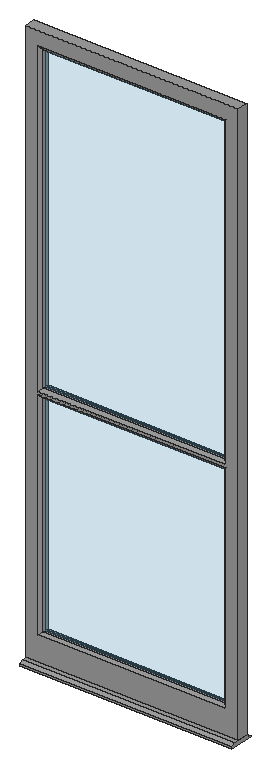
Revit family "NS-212 DOOR-0.25-PD-SF_v05", category Curtain Panels, Revit 2015
Parameters
  Width [instance] = 3' - 2"
  URL = "obe.com"
  Rough Width [instance] = 3' - 0"
  Panel Width [instance] = [Min-Max Rough Width]  # 3' - 0"
  Offset [instance] = 0' - 0"
  Model = "NS-212 DOOR"
  Min-Max Rough Width [instance] = if(and((Rough Width > 2' 11 255/256"), (Rough Width < 3' 6 1/256")), Rough Width, 3' 0")  # 3' - 0"
  Manufacturer = "Oldcastle BuildingEnvelope®"
  Keynote = "08 11 00"
  Height [instance] = 8' - 0"
  Pushbar Height [instance] = 3' - 5 1/4"  # constant formula
  Glass Material = Glass
  Frame Material = Aluminum
  Door Panel Height [instance] = Height + 0' 0 15/32"  # 8' - 0 15/32"
  Description = "NS-212 - 1/4\" Door Infill"
  Assembly Code = "B2030"
  Analytic Construction = "<None>"
  8 Muntin [instance] = no
  6.5 Muntin [instance] = no
  4 Muntin [instance] = no
  4 Bottom Rail [instance] = yes
  1.875 Muntin [instance] = no
  0.5 Muntin [instance] = if(or([1.875 Muntin], [4 Muntin], [6.5 Muntin], [8 Muntin]), 1 = 2, 1 = 1)  # yes
Reference planes (in)
  plane 1 "Front": y = 0
  plane 2: z = 0
  plane 3 "Center (Left/Right)": x = 0
  plane 4 "Left": x = -19
  plane 5 "Right": x = 19
  plane 6 "Top": z = 96
  plane 7 "Offset": y = 0
  plane 8: x = -18
  plane 9: x = 18
Text (in)
  text "Exterior" at (-54.29358, 31.38743, 0), in view "Ref. Level"
  text "Exterior" at (480, 41.53993, 89.60405), in view "Right"
  text "Exterior" at (-240, 57.82419, 105.78864), in view "Left"
Dimensions and locks (in)
  equal spacing: plane 4 "Left", plane 3 "Center (Left/Right)", plane 5 "Right"
  "Width": plane 4 "Left" to plane 5 "Right"
  "Height": plane 6 "Top" to plane 2
  equal spacing: plane 8, plane 3 "Center (Left/Right)", plane 9
  "Min-Max Rough Width": plane 8 to plane 9
  aligned and locked: level to plane 2
  aligned and locked: plane 3 "Center (Left/Right)" to nested 1
  aligned and locked: nested 1 to plane 7 "Offset"
Nested families (in)
  nested 1: "NS-212 DOOR-0.25-PD-Panel_v04" at (0, -10.78125, 0), Frame Material <- "Frame Material", Glass Material <- "Glass Material", 0.5 Muntin <- "0.5 Muntin", 1.875 Muntin <- "1.875 Muntin", 4 Muntin <- "4 Muntin", 6.5 Muntin <- "6.5 Muntin", 8 Muntin <- "8 Muntin", 4 Bottom Rail <- "4 Bottom Rail", Height <- "Door Panel Height", Width <- "Min-Max Rough Width", Offset <- "Offset", type "NS-212 DOOR-0.25-PD-Panel_v04"
    with built-in parameter 1001301 3' - 0", Pushbar Height 3' - 5 1/4", Offset 0' - 0", built-in parameter 1001300 8' - 0 15/32", Glass at Muntin 0' - 1 1/16", Glass Material Glass, Frame Material Aluminum, Bottom Rail 0' - 4 31/32", 8 Muntin no, 6.5 Muntin no, 6.5 Bottom Rail no, 4 Muntin no, 4 Bottom Rail yes, 1.875 Muntin no, 0.5 Muntin yes
Definition of nested family "NS-212 DOOR-0.25-PD-Panel_v04"
  Parameters (values of type "NS-212 DOOR-0.25-PD-Panel_v04")
    Width [instance] = 3' - 0"
    Offset [instance] = 0' - 1 25/32"
    Height [instance] = 8' - 0"
    Glass at Muntin [instance] = if([8 Muntin], 0' 8 9/16", if([6.5 Muntin], 0' 7 1/16", if([4 Muntin], 0' 4 9/16", if([1.875 Muntin], 0' 2 109/256", 0' 1 1/16"))))  # 0' - 1 1/16"
    Pushbar Height [instance] = 3' - 5 1/4"  # constant formula
    Glass Material [instance] = none
    Frame Material [instance] = none
    Bottom Rail [instance] = if([4 Bottom Rail], 0' 4 31/32", 0' 7 15/32")  # 0' - 4 31/32"
    Analytic Construction = "<None>"
    8 Muntin [instance] = no
    6.5 Muntin [instance] = no
    6.5 Bottom Rail [instance] = not([4 Bottom Rail])  # no
    4 Muntin [instance] = no
    4 Bottom Rail [instance] = yes
    1.875 Muntin [instance] = no
    0.5 Muntin [instance] = if(or([1.875 Muntin], [4 Muntin], [6.5 Muntin], [8 Muntin]), 1 = 2, 1 = 1)  # yes
  Reference planes (in)
    plane 1 "00": y = 8
    plane 2: z = 0
    plane 3 "Center (Left/Right)": x = 0
    plane 4: z = 96
    plane 5: x = 18
    plane 6: x = -18
    plane 7 "Center (Front/Back)": y = 10.78125
    plane 8 "Exterior": y = 8.125
    plane 9: z = 48
    plane 10: z = 80.96875
    plane 11: z = 92.875
    plane 12 "Offset": y = 9
    plane 13: z = 41.78125
    plane 14: z = 40.71875
    plane 15: z = 41.25
  Forms (in)
    Sweep 1, solid, material <- "Frame Material"
      path origin (0, 8, 0) x (1, 0, 0) y (0, 0, 1)
        loop
          line (-17.83806, 96) -> (17.83796, 96)
      profile origin (-0.00005, 8, 96) x (0, 0, 1) y (0, -1, 0)
        loop
          line (-0.46875, -0.875) -> (-0.46875, 0.875) -> (-2.83968, 0.875) -> (-3.34375, 0.45204) -> (-3.34375, 0.125) -> (-3.125, 0.125) -> (-3.125, -0.125) -> (-3.34375, -0.125) -> (-3.34375, -0.45204) -> (-2.83968, -0.875) -> (-0.46875, -0.875)
    Sweep 2, solid, material <- "Frame Material"
      path origin (0, 8, 0) x (1, 0, 0) y (0, 0, 1)
        loop
          line (17.83795, 0) -> (-17.83795, 0)
      profile origin (0, 8, 0) x (0, 0, -1) y (0, -1, 0)
        loop
          line (-4.68343, -0.875) -> (-0.6875, -0.875) -> (-0.6875, 0.875) -> (-4.68343, 0.875) -> (-5.1875, 0.45204) -> (-5.1875, 0.125) -> (-4.96875, 0.125) -> (-4.96875, -0.125) -> (-5.1875, -0.125) -> (-5.1875, -0.45204) -> (-4.68343, -0.875)
        loop
          line (-0.5, -1.1555) -> (-0.19364, -1.8125) -> (0, -1.8125) -> (0, 2.1875) -> (-0.19364, 2.1875) -> (-0.5, 1.5305) -> (-0.5, -1.1555)
    Sweep 3, solid, material <- "Frame Material"
      path origin (0, 8, 0) x (1, 0, 0) y (0, 0, 1)
        loop
          line (18, 95.53125) -> (18, 0.6875)
      profile origin (18, 8, 48.10937) x (0, -1, 0) y (1, 0, 0)
        loop
          line (-0.875, -0.0625) -> (-0.875, -2.18343) -> (-0.45204, -2.6875) -> (-0.125, -2.6875) -> (-0.125, -2.46875) -> (0.125, -2.46875) -> (0.125, -2.6875) -> (0.45204, -2.6875) -> (0.875, -2.18343) -> (0.875, -0.16204) -> (-0.875, -0.0625)
    Sweep 4, solid, material <- "Frame Material"
      path origin (0, 8, 0) x (1, 0, 0) y (0, 0, 1)
        loop
          line (-18, 95.53125) -> (-18, 0.6875)
      profile origin (-18, 8, 48.10937) x (0, -1, 0) y (1, 0, 0)
        loop
          line (0.875, 0.92628) -> (0.875, 2.18342) -> (0.45204, 2.68749) -> (0.125, 2.68749) -> (0.125, 2.46874) -> (-0.125, 2.46874) -> (-0.125, 2.68749) -> (-0.45204, 2.68749) -> (-0.875, 2.18342) -> (-0.875, 0.81728) -> (-0.875, 0.0625) -> (0.875, 0.16194) -> (0.875, 0.92628)
    Sweep 5, solid, material <- "Frame Material"
      path origin (0, 8, 0) x (1, 0, 0) y (0, 0, 1)
        loop
          line (17.8285, 40.71875) -> (-17.82372, 40.71875)
      profile origin (0.00239, 8, 40.71875) x (0, 0, -1) y (0, -1, 0)
        loop
          line (-1.28532, 0.45204) -> (-1.28532, 0.125) -> (-1.0625, 0.125) -> (-1.0625, -0.125) -> (-1.28532, -0.125) -> (-1.28532, -0.45204) -> (-0.78125, -0.875) -> (-0.28939, -0.875) -> (0.21468, -0.45204) -> (0.21468, -0.125) -> (-0.00407, -0.125) -> (-0.00407, 0.125) -> (0.21468, 0.125) -> (0.21468, 0.45204) -> (-0.28939, 0.875) -> (-0.78125, 0.875) -> (-1.28532, 0.45204)
    Extrusion 6, solid, material <- "Glass Material"
      sketch origin (0, 0, 0) x (1, 0, 0) y (0, 1, 0)
        loop
          line (-15.53126, 8.125) -> (-15.53126, 7.875) -> (15.53125, 7.875) -> (15.53125, 8.125) -> (-15.53126, 8.125)
      from 41.78125 to 92.875
    Extrusion 7, solid, material <- "Glass Material"
      sketch origin (0, 0, 0) x (1, 0, 0) y (0, 1, 0)
        loop
          line (-15.53126, 8.125) -> (-15.53126, 7.875) -> (15.53125, 7.875) -> (15.53125, 8.125) -> (-15.53126, 8.125)
      from 4.96875 to 40.71875
  Cuts and joins
    joined: Sweep 1, Sweep 2, Sweep 3, Sweep 4, Sweep 5
  Lines and regions (in)
    model lines
      curve 1: line (17.80279, 8.125, 48) -> (-17.9375, 8.125, 95.53125)
      curve 2: line (17.80279, 8.125, 48) -> (-17.90221, 8.125, 0)
  Dimensions and locks (in)
    equal spacing: level, plane 9, plane 4
    locked: Sweep 3 sketch curve to plane 4 at 0.46875
    locked: Sweep 4 sketch curve to plane 4 at 0.46875
    "Bottom Rail": Sweep 2 sketch curve to level
    Sweep 2 sketch curve to Sweep 2 sketch curve to Sweep 2 sketch curve to Sweep 2 sketch curve to Sweep 2 sketch curve = 0' - 0" locked, 0' - 0 7/32" locked, 0' - 0.28532" locked, 0' - 0" locked
    "Width": plane 6 to plane 5
    locked: plane 6 to Extrusion 6 sketch curve at 2.46874
    locked: Extrusion 6 sketch curve to plane 5 at 2.46875
    locked: Extrusion 7 sketch curve to plane 5 at 2.46875
    locked: plane 6 to Extrusion 7 sketch curve at 2.46874
    locked: Sweep 1 sketch curve to plane 6 at 0.16194
    locked: plane 5 to Sweep 1 sketch curve at 0.16204
    locked: plane 5 to Sweep 5 sketch curve at 0.1715
    locked: Sweep 5 sketch curve to plane 6 at 0.17628
    locked: plane 5 to Sweep 2 sketch curve at 0.16205
    locked: Sweep 2 sketch curve to plane 6 at 0.16205
    locked: plane 4 to plane 11 at 3.125
    Extrusion 7 sketch curve to Extrusion 7 sketch curve to plane 8 "Exterior" = 0' - 0 1/4" locked, 0' - 0" locked
    Extrusion 6 sketch curve to Extrusion 6 sketch curve to plane 8 "Exterior" = 0' - 0 1/4" locked, 0' - 0" locked
    equal spacing: plane 6, plane 3 "Center (Left/Right)", plane 5
    plane 1 "00" to plane 8 "Exterior" to plane 12 "Offset" = 0' - 0 1/8" locked, 0' - 0 7/8" locked
    "Offset": plane 12 "Offset" to plane 7 "Center (Front/Back)"
    equal spacing: plane 13, plane 15, plane 14
    "Glass at Muntin": plane 13 to plane 14
    "Pushbar Height": plane 15 to plane 2
    "Height": plane 4 to plane 2
    Sweep 5 sketch curve to plane 13 to Sweep 5 sketch curve = 0' - 0.22282" locked, 0' - 0 9/32" locked
    Sweep 5 sketch curve to profile plane to Sweep 5 sketch curve = 0' - 0.28939" locked, 0' - 0.21468" locked
    locked: Sweep 4 sketch curve to plane 2 at 0.6875
    locked: Sweep 3 sketch curve to plane 2 at 0.6875
    aligned and locked: plane 2 to level
    aligned and locked: plane 3 "Center (Left/Right)" to nested 1
    aligned and locked: Sweep 1 sketch curve to plane 4
    aligned and locked: Sweep 2 sketch curve to level
    aligned and locked: nested 2 to plane 1 "00"
    aligned and locked: plane 5 to Sweep 3 sketch curve
    aligned and locked: plane 6 to Sweep 4 sketch curve
    aligned and locked: Extrusion 7 to cut or joined group of Sweep 1, Sweep 2, Sweep 3, Sweep 4, Sweep 5
    aligned and locked: plane 11 to Extrusion 6
    aligned and locked: plane 9 to curve 1
    aligned and locked: Sweep 5 sketch curve to plane 14
    aligned and locked: plane 13 to Sweep 5 sketch curve
    aligned and locked: plane 14 to Extrusion 7
    aligned and locked: Extrusion 6 to nested 2
    aligned and locked: Extrusion 6 to plane 13
    aligned and locked: plane 1 "00" to nested 1
  Automatic sketch dimensions
    profile plane to Sweep 1 sketch curve = 0' - 0 15/32"
    Sweep 1 sketch curve to plane 1 "00" = 0' - 0 7/8"
    Sweep 1 sketch curve to Sweep 1 sketch curve = 0' - 2.37093"
    Sweep 1 sketch curve to plane 1 "00" = 0' - 0.45204"
    Sweep 1 sketch curve to Sweep 1 sketch curve = 0' - 0.50407"  (x2)
    Sweep 1 sketch curve to plane 1 "00" = 0' - 0 1/8"
    Sweep 1 sketch curve to Sweep 1 sketch curve = 0' - 0 7/32"  (x2)
    plane 1 "00" to Sweep 1 sketch curve = 0' - 0 1/8"
    plane 1 "00" to Sweep 1 sketch curve = 0' - 0 7/8"
    Sweep 1 sketch curve to Sweep 1 sketch curve = 0' - 0.32704"
    Sweep 5 sketch curve to Sweep 5 sketch curve = 0' - 0.22282"
    Sweep 5 sketch curve to plane 1 "00" = 0' - 0 7/8"
    Sweep 5 sketch curve to plane 1 "00" = 0' - 0.45204"  (x2)
    Sweep 5 sketch curve to plane 1 "00" = 0' - 0 1/8"  (x2)
    plane 1 "00" to Sweep 5 sketch curve = 0' - 0 1/8"  (x2)
    Sweep 5 sketch curve to Sweep 5 sketch curve = 0' - 0.32704"  (x2)
    Sweep 5 sketch curve to Sweep 5 sketch curve = 0' - 0.42296"
    profile plane to Sweep 5 sketch curve = 0' - 0.28939"
    Sweep 5 sketch curve to Sweep 5 sketch curve = 0' - 0 7/32"  (x2)
    Sweep 5 sketch curve to Sweep 5 sketch curve = 0' - 0.50407"
    profile plane to Sweep 3 sketch curve = 0' - 0 1/16"
    Sweep 3 sketch curve to plane 1 "00" = 0' - 0 7/8"
    Sweep 3 sketch curve to plane 1 "00" = 0' - 0.45204"
    Sweep 3 sketch curve to plane 1 "00" = 0' - 0 1/8"
    plane 1 "00" to Sweep 3 sketch curve = 0' - 0 1/8"
    Sweep 3 sketch curve to Sweep 3 sketch curve = 0' - 0.32704"
    Sweep 3 sketch curve to Sweep 3 sketch curve = 0' - 0.42296"
    Sweep 3 sketch curve to Sweep 3 sketch curve = 0' - 2.12093"
    Sweep 3 sketch curve to Sweep 3 sketch curve = 0' - 0"
    Sweep 3 sketch curve to Sweep 3 sketch curve = 0' - 0.28532"
    Sweep 3 sketch curve to Sweep 3 sketch curve = 0' - 0 7/32"  (x2)
    profile plane to Sweep 3 sketch curve = 0' - 0.16204"
    Sweep 4 sketch curve to profile plane = 0' - 0 1/16"
    Sweep 4 sketch curve to plane 1 "00" = 0' - 0 7/8"
    Sweep 4 sketch curve to plane 1 "00" = 0' - 0.45204"
    Sweep 4 sketch curve to plane 1 "00" = 0' - 0 1/8"
    plane 1 "00" to Sweep 4 sketch curve = 0' - 0 1/8"
    Sweep 4 sketch curve to Sweep 4 sketch curve = 0' - 0.32704"
    plane 1 "00" to Sweep 4 sketch curve = 0' - 0 7/8"
    Sweep 4 sketch curve to Sweep 4 sketch curve = 0' - 0.75478"
    Sweep 4 sketch curve to profile plane = 0' - 0.92628"
    Sweep 4 sketch curve to Sweep 4 sketch curve = 0' - 1.36614"
    Sweep 4 sketch curve to Sweep 4 sketch curve = 0' - 1.25714"
    Sweep 4 sketch curve to Sweep 4 sketch curve = 0' - 0.28532"
    Sweep 4 sketch curve to Sweep 4 sketch curve = 0' - 0 7/32"  (x2)
    Sweep 4 sketch curve to profile plane = 0' - 0.16194"
    curve 2 to level = 0' - 0"
    curve 2 to plane 5 = 0' - 0.19721"
    plane 6 to curve 2 = 0' - 0.09779"
    plane 6 to curve 1 = 0' - 0 1/16"
    curve 1 to plane 4 = 0' - 0 15/32"
    Sweep 2 sketch curve to profile plane = 0' - 0"
    profile plane to Sweep 2 sketch curve = 0' - 0 11/16"
    Sweep 2 sketch curve to Sweep 2 sketch curve = 0' - 0 3/16"
    Sweep 2 sketch curve to Sweep 2 sketch curve = 0' - 0.19364"  (x2)
    Sweep 2 sketch curve to plane 1 "00" = 0' - 1 13/16"
    Sweep 2 sketch curve to Sweep 2 sketch curve = 0' - 0.657"  (x2)
    Sweep 2 sketch curve to Sweep 2 sketch curve = 0' - 0.2805"
    Sweep 2 sketch curve to plane 1 "00" = 0' - 0.45204"
    Sweep 2 sketch curve to plane 1 "00" = 0' - 0 1/8"
    plane 1 "00" to Sweep 2 sketch curve = 0' - 0 1/8"
    Sweep 2 sketch curve to Sweep 2 sketch curve = 0' - 0.32704"
    Sweep 2 sketch curve to Sweep 2 sketch curve = 0' - 0.42296"
    Sweep 2 sketch curve to Sweep 2 sketch curve = 0' - 0.6555"
  Nested families (in)
    nested 1: "NS-212 DOOR-0.25-Plan View_02" at (0, 8, 0), Width <- "Width", type "NS-212 DOOR-0.25-Plan View_02"
    nested 2: "NS-212 DOOR-0.25-PD-Section_v02" at (0, 8, 0) x (0, -1, 0) z (1, 0, 0), 0.5 Muntin <- "0.5 Muntin", 1.875 Muntin <- "1.875 Muntin", 4 Muntin <- "4 Muntin", 6.5 Muntin <- "6.5 Muntin", 8 Muntin <- "8 Muntin", 4 Bottom Rail <- "4 Bottom Rail", Height <- "Height", type "NS-212 DOOR-0.25-PD-Section_v02"
      with Pushbar Height 3' - 5 1/4", Height 8' - 0", Glass at Muntins 0' - 1 1/16", Bottom Rail 0' - 4 31/32", 8 Muntin no, 6.5 Muntin no, 6.5 Bottom Rail no, 4 Muntin no, 4 Bottom Rail yes, 1.875 Muntin no, 0.5 Muntin yes
  Definition of nested family "NS-212 DOOR-0.25-Plan View_02"
    Parameters (values of type "NS-212 DOOR-0.25-Plan View_02")
      Width [instance] = 3' - 0"
    Reference planes (in)
      plane 1 "Center (Front/Back)": y = 0
      plane 2: z = 0
      plane 3 "Center (Left/Right)": x = 0
      plane 4: x = -18
      plane 5: x = 18
      plane 6: x = 16.6875
      plane 7: y = 37.25
      plane 8: y = -1.093
      plane 9: y = 1.25
      plane 10: x = 17.9375
    Lines and regions (in)
      detail lines, in view "Ref. Level", not visible
        curve 1: line (-15.53125, 0.125, 0) -> (15.53125, 0.125, 0)
        curve 2: line (-15.53125, -0.125, 0) -> (15.53125, -0.125, 0)
      detail lines, in view "Ref. Level"
        curve 3: line (16.5625, 3.65625, 0) -> (16.5625, 34.71875, 0)
        curve 7: line (16.8125, 3.65625, 0) -> (16.8125, 34.71875, 0)
        curve 8: arc (17.5625, 37.125, 0) -> (-7.69512, 26.35229, 0) -> (-17.9375, 0.875, 0) r 35.87696
      detail lines, in view "Ref. Level", detail levels fine
        curve 4: line (16.625, 3.65625, 0) -> (16.625, 34.71875, 0)
        curve 5: line (16.6875, 3.65625, 0) -> (16.6875, 34.71875, 0)
        curve 6: line (16.75, 3.65625, 0) -> (16.75, 34.71875, 0)
    Dimensions and locks (in)
      "Width": plane 4 to plane 5
      equal spacing: plane 4, plane 3 "Center (Left/Right)", plane 5
      "Width": plane 7 to plane 9
      locked: plane 6 to plane 5 at 1.3125
      locked: nested 2 to plane 7 at 2.218
      locked: plane 8 to plane 1 "Center (Front/Back)" at 1.093
      locked: plane 1 "Center (Front/Back)" to plane 9 at 1.25
      locked: plane 5 to nested 3 at 2.2805
      locked: plane 10 to plane 5 at 0.0625
      locked: nested 4 to plane 4 at 2.2805
      aligned and locked: nested 1 to plane 6
      aligned and locked: plane 6 to nested 2
      aligned and locked: nested 1 to curve 7
      aligned and locked: nested 1 to curve 6
      aligned and locked: nested 1 to curve 5
      aligned and locked: nested 1 to curve 4
      aligned and locked: curve 3 to nested 1
      aligned and locked: nested 2 to curve 7
      aligned and locked: nested 2 to curve 6
      aligned and locked: nested 2 to curve 5
      aligned and locked: nested 2 to curve 4
      aligned and locked: curve 3 to nested 2
      aligned and locked: nested 3 to plane 1 "Center (Front/Back)"
      aligned and locked: plane 8 to nested 1
      aligned and locked: plane 1 "Center (Front/Back)" to nested 4
      aligned and locked: curve 8 to nested 4
      aligned and locked: curve 8 to nested 2
    Automatic sketch dimensions
      curve 5 to plane 6 = 0' - 0"
      plane 9 to curve 8 = 0' - 0"
      curve 8 to plane 10 = 0' - 0"
      plane 6 to curve 4 = 0' - 0 1/16"
      curve 3 to curve 4 = 0' - 0 1/16"
      plane 1 "Center (Front/Back)" to curve 2 = 0' - 0 1/8"
      plane 6 to curve 2 = 0' - 1 5/32"
      curve 1 to plane 1 "Center (Front/Back)" = 0' - 0 1/8"
      curve 1 to curve 2 = 0' - 0"  (x2)
      plane 4 to curve 2 = 0' - 2 15/32"
      plane 4 to curve 8 = 0' - 0 1/16"
      curve 5 to curve 6 = 0' - 0 1/16"
      curve 6 to curve 7 = 0' - 0 1/16"
    Nested families (in)
      nested 1: "HINGE-PD-DI" at (16.6875, -1.093, 0) x (0, 1, 0) z (0, 0, 1), type "HINGE-HD-DI", in view "Ref. Level"
      nested 2: "HINGE-PD-DI" at (16.6875, 39.468, 0) x (0, -1, 0) z (0, 0, 1), type "HINGE-HD-DI", in view "Ref. Level"
      nested 3: "HINGE-PD-DI" at (20.2805, 0, 0) x (-1, 0, 0) z (0, 0, 1), type "HINGE-HD-DI", in view "Ref. Level", not visible
      nested 4: "HINGE-PD-DI" at (-20.2805, 0, 0), type "HINGE-HD-DI", in view "Ref. Level", not visible
    Definition of nested family "HINGE-PD-DI"
      Reference planes (in)
        plane 1 "Center (Front/Back)": y = 0
        plane 2: z = 0
        plane 3 "Center (Left/Right)": x = 0
  Definition of nested family "NS-212 DOOR-0.25-PD-Section_v02"
    Parameters (values of type "NS-212 DOOR-0.25-PD-Section_v02")
      Height [instance] = 8' - 0"
      Glass at Muntins [instance] = if([8 Muntin], 0' 8 9/16", if([6.5 Muntin], 0' 7 1/16", if([4 Muntin], 0' 4 9/16", if([1.875 Muntin], 0' 2 7/16", 0' 1 1/16"))))  # 0' - 8 9/16"
      Pushbar Height [instance] = 3' - 5 1/4"  # constant formula
      Bottom Rail [instance] = if([6.5 Bottom Rail], 0' 7 15/32", 0' 4 31/32")  # 0' - 7 15/32"
      8 Muntin [instance] = yes
      6.5 Muntin [instance] = no
      6.5 Bottom Rail [instance] = not([4 Bottom Rail])  # yes
      4 Muntin [instance] = no
      4 Bottom Rail [instance] = no
      1.875 Muntin [instance] = no
      0.5 Muntin [instance] = if(or([1.875 Muntin], [4 Muntin], [6.5 Muntin], [8 Muntin]), 1 = 2, 1 = 1)  # no
    Reference planes (in)
      plane 1 "Center (Front/Back)": y = 0
      plane 2: z = 0
      plane 3 "Center (Left/Right)": x = 0
      plane 4: y = 7.46875
      plane 5: y = 92.875
      plane 6: y = 45.53125
      plane 7: y = 36.96875
      plane 8: y = 45.75
      plane 9: y = 96
      plane 10: y = 41.25
      plane 11: y = 45
      plane 12: y = 42.6825
      plane 13: y = 42
      plane 14: y = 43.75
    Lines and regions (in)
      detail lines, in view "Ref. Level"
        curve 1: line (-0.125, 92.875, 0) -> (-0.125, 45.53125, 0)
        curve 5: line (0.125, 92.875, 0) -> (0.125, 45.53125, 0)
        curve 6: line (0.125, 36.96875, 0) -> (0.125, 7.46875, 0)
        curve 10: line (-0.125, 36.96875, 0) -> (-0.125, 7.46875, 0)
      detail lines, in view "Ref. Level", detail levels fine
        curve 2: line (-0.0625, 92.875, 0) -> (-0.0625, 45.53125, 0)
        curve 3: line (0, 92.875, 0) -> (0, 45.53125, 0)
        curve 4: line (0.0625, 92.875, 0) -> (0.0625, 45.53125, 0)
        curve 7: line (0.0625, 36.96875, 0) -> (0.0625, 7.46875, 0)
        curve 8: line (0, 36.96875, 0) -> (0, 7.46875, 0)
        curve 9: line (-0.0625, 36.96875, 0) -> (-0.0625, 7.46875, 0)
    Dimensions and locks (in)
      "Bottom Rail": plane 4 to plane 1 "Center (Front/Back)"
      "Glass at Muntins": plane 7 to plane 6
      nested 1 to plane 9 to plane 5 = 0' - 3 1/32" locked, 0' - 3 1/8" locked
      "Height": plane 1 "Center (Front/Back)" to plane 9
      equal spacing: plane 7, plane 10, plane 6
      "Pushbar Height": plane 1 "Center (Front/Back)" to plane 10
      plane 10 to plane 13 to plane 12 to plane 14 to plane 11 to plane 8 = 0' - 0 3/4" locked, 0' - 0.6825" locked, 0' - 1.0675" locked, 0' - 1 1/4" locked, 0' - 0 3/4" locked
      aligned and locked: plane 5 to curve 2
      aligned and locked: plane 5 to curve 1
      aligned and locked: plane 3 "Center (Left/Right)" to nested 1
      aligned and locked: plane 1 "Center (Front/Back)" to nested 2
      aligned and locked: plane 3 "Center (Left/Right)" to nested 2
      aligned and locked: plane 4 to curve 10
      aligned and locked: plane 4 to curve 9
      aligned and locked: plane 4 to curve 6
      aligned and locked: plane 4 to curve 7
      aligned and locked: plane 4 to curve 8
      aligned and locked: plane 5 to curve 5
      aligned and locked: plane 5 to curve 4
      aligned and locked: plane 5 to curve 3
      aligned and locked: plane 1 "Center (Front/Back)" to nested 3
      aligned and locked: plane 3 "Center (Left/Right)" to nested 3
      aligned and locked: plane 3 "Center (Left/Right)" to nested 4
      aligned and locked: plane 6 to curve 1
      aligned and locked: plane 6 to curve 2
      aligned and locked: plane 6 to curve 3
      aligned and locked: plane 6 to curve 4
      aligned and locked: plane 6 to curve 5
      aligned and locked: plane 7 to curve 6
      aligned and locked: plane 7 to curve 7
      aligned and locked: plane 7 to curve 8
      aligned and locked: plane 7 to curve 9
      aligned and locked: plane 7 to curve 10
      aligned and locked: plane 3 "Center (Left/Right)" to nested 5
      aligned and locked: plane 3 "Center (Left/Right)" to nested 6
      aligned and locked: plane 3 "Center (Left/Right)" to nested 7
      aligned and locked: plane 8 to nested 8
      aligned and locked: plane 3 "Center (Left/Right)" to nested 8
      aligned and locked: plane 11 to nested 7
      aligned and locked: plane 12 to nested 5
      aligned and locked: plane 13 to nested 4
    Automatic sketch dimensions
      curve 3 to plane 3 "Center (Left/Right)" = 0' - 0"
      curve 8 to plane 3 "Center (Left/Right)" = 0' - 0"
      curve 2 to plane 3 "Center (Left/Right)" = 0' - 0 1/16"
      curve 9 to plane 3 "Center (Left/Right)" = 0' - 0 1/16"
      curve 10 to curve 9 = 0' - 0 1/16"
      curve 1 to curve 2 = 0' - 0 1/16"
      plane 3 "Center (Left/Right)" to curve 4 = 0' - 0 1/16"
      plane 3 "Center (Left/Right)" to curve 7 = 0' - 0 1/16"
      curve 7 to curve 6 = 0' - 0 1/16"
      curve 4 to curve 5 = 0' - 0 1/16"
    Nested families (in)
      nested 1: "TOP RAIL-DI" at (0, 99.03125, 0), type "TOP RAIL-DI", in view "Ref. Level"
      nested 2: "4 BOT RAIL-DI" at (0, 5.1875, 0), visible <- "4 Bottom Rail", type "4 BOT RAIL-DI", in view "Ref. Level"
      nested 3: "6.5 BOT RAIL-DI" at (0, 7.6875, 0), visible <- "6.5 Bottom Rail", type "6.5 BOT RAIL-DI", in view "Ref. Level"
      nested 4: "0.5 MUNTIN-DI" at (0, 42, 0), visible <- "0.5 Muntin", type "0.5 MUNTIN-DI", in view "Ref. Level"
      nested 5: "1.875 MUNTIN-DI" at (0, 42.6825, 0), visible <- "1.875 Muntin", type "1.875 MUNTIN-DI", in view "Ref. Level"
      nested 6: "4 MUNTIN-DI" at (0, 43.75, 0), visible <- "4 Muntin", type "4 MUNTIN-DI", in view "Ref. Level"
      nested 7: "6.5 MUNTIN-DI" at (0, 45, 0), visible <- "6.5 Muntin", type "6.5 MUNTIN-DI", in view "Ref. Level"
      nested 8: "8 MUNTIN-DI" at (0, 45.75, 0), visible <- "8 Muntin", type "8 MUNTIN-DI", in view "Ref. Level"
    Definition of nested family "TOP RAIL-DI"
      Reference planes (in)
        plane 1 "Center (Front/Back)": y = 0
        plane 2: z = 0
        plane 3 "Center (Left/Right)": x = 0
    Definition of nested family "4 BOT RAIL-DI"
      Reference planes (in)
        plane 1 "Center (Front/Back)": y = 0
        plane 2: z = 0
        plane 3 "Center (Left/Right)": x = 0
    Definition of nested family "6.5 BOT RAIL-DI"
      Reference planes (in)
        plane 1 "Center (Front/Back)": y = 0
        plane 2: z = 0
        plane 3 "Center (Left/Right)": x = 0
    Definition of nested family "0.5 MUNTIN-DI"
      Reference planes (in)
        plane 1 "Center (Front/Back)": y = 0
        plane 2: z = 0
        plane 3 "Center (Left/Right)": x = 0
    Definition of nested family "1.875 MUNTIN-DI"
      Reference planes (in)
        plane 1 "Center (Front/Back)": y = 0
        plane 2: z = 0
        plane 3 "Center (Left/Right)": x = 0
    Definition of nested family "4 MUNTIN-DI"
      Reference planes (in)
        plane 1 "Center (Front/Back)": y = 0
        plane 2: z = 0
        plane 3 "Center (Left/Right)": x = 0
    Definition of nested family "6.5 MUNTIN-DI"
      Reference planes (in)
        plane 1 "Center (Front/Back)": y = 0
        plane 2: z = 0
        plane 3 "Center (Left/Right)": x = 0
    Definition of nested family "8 MUNTIN-DI"
      Reference planes (in)
        plane 1 "Center (Front/Back)": y = 0
        plane 2: z = 0
        plane 3 "Center (Left/Right)": x = 0
